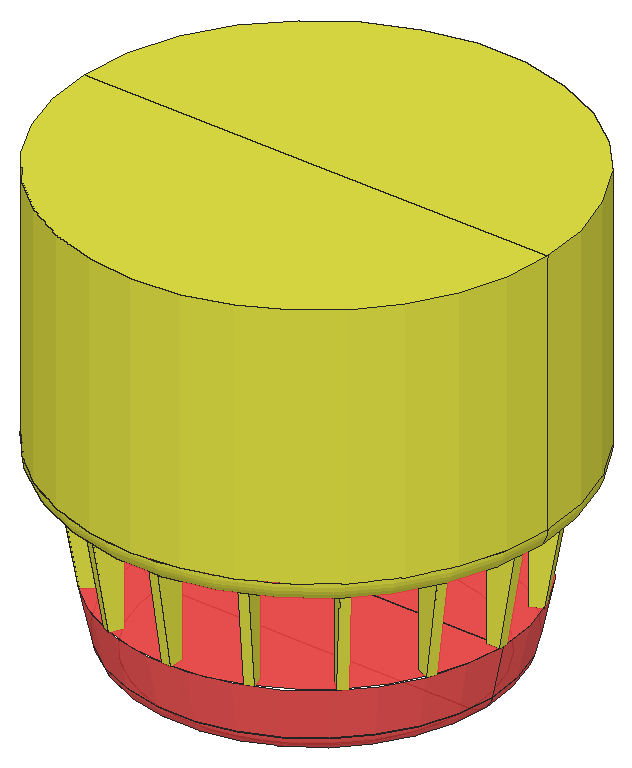
Revit family "FA_Combined Smoke Detector & Sounder", category Fire Alarm Devices, Revit 2013
Parameters
  Glass = Glass, Green
  Fire = Phase-Temp
Reference planes
  plane 1 "Center (Front/Back)": y = 0
  plane 2: z = 0
  plane 3 "Center (Left/Right)": x = 0
  plane 4 "Bot": z = -60
  plane 5: y = 0
Forms (mm)
  Revolve 1, solid, material "Plastic-Yel"
    sketch origin (0, 0, 0) x (-1, 0, 0) y (0, 0, -1)
      loop
        line (-52, 0) -> (0, 0) -> (0, 60) -> (-47, 60)
        arc (-47, 60) -> (-50.536, 58.536) -> (-52, 55) r 5
        line (-52, 55) -> (-52, 0)
      axis (0, 0) -> (0, 60)
    angle from 0 to 360
  Extrusion 2, solid, material "Plastic-Yel"
    sketch origin (0, 0, 0) x (1, 0, 0) y (0, 0, 1)
      loop
        line (-45.898, -60) -> (-42.017, -82.014) -> (-39.061, -82.014) -> (-39.061, -60) -> (-45.898, -60)
    from -1 to 1
  Extrusion 3, solid, material "Plastic-Yel"
    sketch origin (0, 0, 0) x (0.92388, -0.382683, 0) y (0, 0, 1)
      loop
        line (-45.898, -60) -> (-42.017, -82.014) -> (-39.061, -82.014) -> (-39.061, -60) -> (-45.898, -60)
    from -1 to 1
  Extrusion 4, solid, material "Plastic-Yel"
    sketch origin (0, 0, 0) x (0.92388, 0.382683, 0) y (0, 0, 1)
      loop
        line (-45.898, -60) -> (-42.017, -82.014) -> (-39.061, -82.014) -> (-39.061, -60) -> (-45.898, -60)
    from -1 to 1
  Extrusion 5, solid, material "Plastic-Yel"
    sketch origin (0, 0, 0) x (0.707107, 0.707107, 0) y (0, 0, 1)
      loop
        line (-45.898, -60) -> (-42.017, -82.014) -> (-39.061, -82.014) -> (-39.061, -60) -> (-45.898, -60)
    from -1 to 1
  Extrusion 6, solid, material "Plastic-Yel"
    sketch origin (0, 0, 0) x (0.382683, 0.92388, 0) y (0, 0, 1)
      loop
        line (-45.898, -60) -> (-42.017, -82.014) -> (-39.061, -82.014) -> (-39.061, -60) -> (-45.898, -60)
    from -1 to 1
  Extrusion 7, solid, material "Plastic-Yel"
    sketch origin (0, 0, 0) x (0, 1, 0) y (0, 0, 1)
      loop
        line (-45.898, -60) -> (-42.017, -82.014) -> (-39.061, -82.014) -> (-39.061, -60) -> (-45.898, -60)
    from -1 to 1
  Extrusion 8, solid, material "Plastic-Yel"
    sketch origin (0, 0, 0) x (-0.382683, 0.92388, 0) y (0, 0, 1)
      loop
        line (-45.898, -60) -> (-42.017, -82.014) -> (-39.061, -82.014) -> (-39.061, -60) -> (-45.898, -60)
    from -1 to 1
  Extrusion 9, solid, material "Plastic-Yel"
    sketch origin (0, 0, 0) x (-0.707107, 0.707107, 0) y (0, 0, 1)
      loop
        line (-45.898, -60) -> (-42.017, -82.014) -> (-39.061, -82.014) -> (-39.061, -60) -> (-45.898, -60)
    from -1 to 1
  Extrusion 10, solid, material "Plastic-Yel"
    sketch origin (0, 0, 0) x (-0.92388, 0.382683, 0) y (0, 0, 1)
      loop
        line (-45.898, -60) -> (-42.017, -82.014) -> (-39.061, -82.014) -> (-39.061, -60) -> (-45.898, -60)
    from -1 to 1
  Extrusion 11, solid, material "Plastic-Yel"
    sketch origin (0, 0, 0) x (-1, 0, 0) y (0, 0, 1)
      loop
        line (-45.898, -60) -> (-42.017, -82.014) -> (-39.061, -82.014) -> (-39.061, -60) -> (-45.898, -60)
    from -1 to 1
  Extrusion 12, solid, material "Plastic-Yel"
    sketch origin (0, 0, 0) x (-0.92388, -0.382683, 0) y (0, 0, 1)
      loop
        line (-45.898, -60) -> (-42.017, -82.014) -> (-39.061, -82.014) -> (-39.061, -60) -> (-45.898, -60)
    from -1 to 1
  Extrusion 13, solid, material "Plastic-Yel"
    sketch origin (0, 0, 0) x (-0.707107, -0.707107, 0) y (0, 0, 1)
      loop
        line (-45.898, -60) -> (-42.017, -82.014) -> (-39.061, -82.014) -> (-39.061, -60) -> (-45.898, -60)
    from -1 to 1
  Extrusion 14, solid, material "Plastic-Yel"
    sketch origin (0, 0, 0) x (-0.382683, -0.92388, 0) y (0, 0, 1)
      loop
        line (-45.898, -60) -> (-42.017, -82.014) -> (-39.061, -82.014) -> (-39.061, -60) -> (-45.898, -60)
    from -1 to 1
  Extrusion 15, solid, material "Plastic-Yel"
    sketch origin (0, 0, 0) x (0, -1, 0) y (0, 0, 1)
      loop
        line (-45.898, -60) -> (-42.017, -82.014) -> (-39.061, -82.014) -> (-39.061, -60) -> (-45.898, -60)
    from -1 to 1
  Extrusion 16, solid, material "Plastic-Yel"
    sketch origin (0, 0, 0) x (0.382683, -0.92388, 0) y (0, 0, 1)
      loop
        line (-45.898, -60) -> (-42.017, -82.014) -> (-39.061, -82.014) -> (-39.061, -60) -> (-45.898, -60)
    from -1 to 1
  Extrusion 17, solid, material "Plastic-Yel"
    sketch origin (0, 0, 0) x (0.707107, -0.707107, 0) y (0, 0, 1)
      loop
        line (-45.898, -60) -> (-42.017, -82.014) -> (-39.061, -82.014) -> (-39.061, -60) -> (-45.898, -60)
    from -1 to 1
  Revolve 18, solid, material "Glass, Green"
    sketch origin (0, 0, 0) x (1, 0, 0) y (0, 0, 1)
      loop
        line (-42.017, -82.014) -> (-39.6, -93.081)
        arc (-39.6, -93.081) -> (-37.85, -95.908) -> (-34.715, -97.014) r 5
        line (-34.715, -97.014) -> (0, -97.014) -> (0, -82.014) -> (-42.017, -82.014)
      axis (0, -82.014) -> (0, -97.014)
    angle from 0 to 360
Dimensions and locks
  level to plane 4 "Bot" = 60 mm
Nested families
  nested 1: "FA_CSS" at (0, 0, 0), type "FA_CSS"
Definition of nested family "FA_CSS"
  Reference planes
    plane 1: y = 0
    plane 2: x = 0
  Lines and regions (mm)
    detail lines, style "Fire Alarm Symbols"
      curve 1: line (-1.764, 0, 0) -> (1.764, 0, 0)
      curve 2: line (-1.764, 1.21, 0) -> (-1.764, 0, 0)
      curve 3: line (1.764, 1.21, 0) -> (-1.764, 1.21, 0)
      curve 4: line (1.764, 0, 0) -> (1.764, 1.21, 0)
      curve 5: line (-1.341, 1.21, 0) -> (-1.941, 2.25, 0)
      curve 6: line (-1.339, 1.21, 0) -> (-0.739, 2.25, 0)
      curve 7: line (-1.941, 2.25, 0) -> (-0.739, 2.25, 0)
      curve 8: arc (1.492, 1.21, 0) -> (0.699, 2.003, 0) -> (-0.093, 1.21, 0) r 0.792
      curve 9: line (1.592, 1.394, 0) -> (1.936, 1.462, 0)
      curve 10: line (1.454, 1.721, 0) -> (1.745, 1.916, 0)
      curve 11: line (1.201, 1.971, 0) -> (1.396, 2.262, 0)
      curve 12: line (0.872, 2.106, 0) -> (0.94, 2.449, 0)
      curve 13: line (0.516, 2.103, 0) -> (0.448, 2.447, 0)
      curve 14: line (0.188, 1.965, 0) -> (-0.006, 2.256, 0)
      curve 15: line (-0.062, 1.712, 0) -> (-0.353, 1.907, 0)
      curve 16: line (-0.196, 1.383, 0) -> (-0.539, 1.451, 0)
